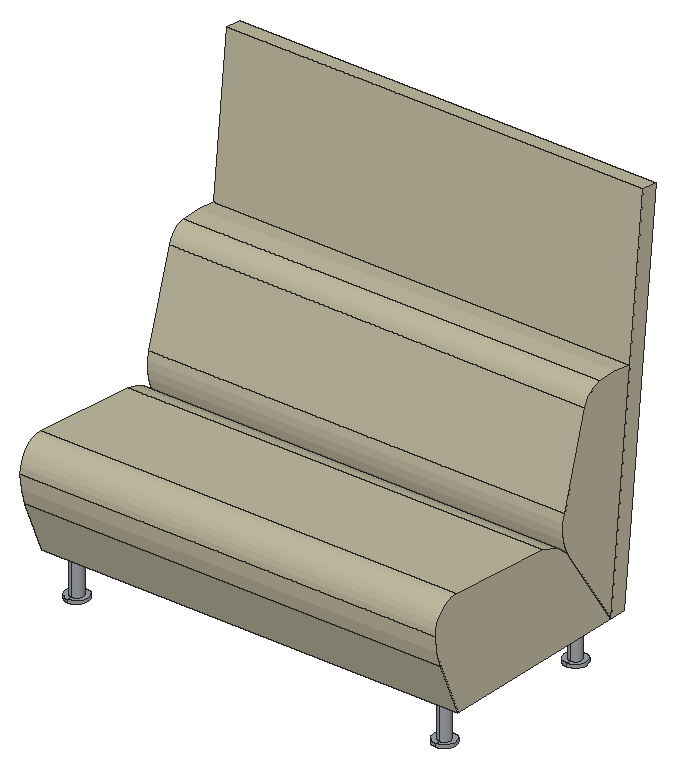
Revit family
Parameters
  URL = "http://www.martinbrattrud.com"
  SCS Certified Product = "Yes"
  Model = "La Moye 967-52"
  Manufacturer = "Martin Brattrud, Inc."
  Leg [instance] = none
  Keynote = "125000"
  Copyright = "© 2013 Martin Brattrud, Inc."
  Chair [instance] = none
  Back Cushion [instance] = none
  Authoring Version = "Revit Architecture 2010"
  Assembly Code = "E2020200"
Reference planes (in)
  plane 1 "Center Front/Back": y = 0
  plane 2: z = 0
  plane 3 "Center Left/Right": x = 0
  plane 4: x = -26
  plane 5: x = 26
Forms (in)
  Revolve 1, solid, material <- "Leg"
    sketch origin (23, -67.71472, 48) x (0, -1, 0) y (0, 0, -1)
      loop
        line (-77.96875, 48) -> (-77.96875, 43) -> (-77.22063, 43) -> (-77.22063, 47.625) -> (-76.59563, 47.625) -> (-76.59563, 48) -> (-77.96875, 48)
      axis (-77.96875, 43) -> (-77.96875, 48)
    angle from 0 to 360
  Extrusion 2, solid, material <- "Chair"
    sketch origin (0, 0, 0) x (0, 1, 0) y (0, 0, 1)
      loop
        line (-11.95264, 5) -> (11.99409, 5) -> (5.80176, 14.50338)
        arc (5.80176, 14.50338) -> (3.89817, 16.40481) -> (1.38763, 17.37245) r 6.5
        arc (1.38763, 17.37245) -> (-5.34941, 18.17324) -> (-12.12945, 18.41813) r 82.55346
        arc (-12.12945, 18.41813) -> (-14.44915, 17.42778) -> (-15.36191, 15.07646) r 3.25
        arc (-15.36191, 15.07646) -> (-15.15255, 13.17383) -> (-14.63767, 11.33026) r 11.77401
        spline (-14.63767, 11.33026) -> (-14.43698, 10.7933) -> (-14.23205, 10.25794) -> (-14.02289, 9.72422) -> (-13.80953, 9.19218) -> (-13.59197, 8.66184) -> (-13.37022, 8.13324) -> (-13.1443, 7.60641) -> (-12.91422, 7.08139) -> (-12.68, 6.5582) -> (-12.44166, 6.03689) -> (-12.1992, 5.51748) -> (-11.95264, 5)
    from -26 to 26
  Extrusion 3, solid, material <- "Chair"
    sketch origin (0, 0, 0) x (0, 1, 0) y (0, 0, 1)
      loop
        arc (14.9548, 32.19439) -> (12.62822, 32.51147) -> (10.28202, 32.41766) r 13.4034
        arc (10.28202, 32.41766) -> (8.8587, 31.7918) -> (8.0023, 30.49406) r 2.75
        line (8.0023, 30.49406) -> (4.79165, 19.99248)
        arc (4.79165, 19.99248) -> (4.58851, 17.39865) -> (5.50248, 14.9627) r 6
        line (5.50248, 14.9627) -> (11.99409, 5) -> (14.9548, 32.19439)
    from -26 to 26
  Extrusion 4, solid, material <- "Back Cushion"
    sketch origin (0, 0, 0) x (0, 1, 0) y (0, 0, 1)
      loop
        line (14.00591, 5) -> (18.99292, 50.80621) -> (17.00235, 51.00134) -> (11.99409, 5) -> (14.00591, 5)
    from -26 to 26
  Revolve 5, solid, material <- "Leg"
    sketch origin (23, 67.71472, 48) x (0, 1, 0) y (0, 0, 1)
      loop
        line (-77.96875, -48) -> (-76.59563, -48) -> (-76.59563, -47.625) -> (-77.22063, -47.625) -> (-77.22063, -43) -> (-77.96875, -43) -> (-77.96875, -48)
      axis (-77.96875, -43) -> (-77.96875, -48)
    angle from 0 to 360
  Revolve 6, solid, material <- "Leg"
    sketch origin (-23, -67.71472, 48) x (0, -1, 0) y (0, 0, 1)
      loop
        line (-77.96875, -48) -> (-76.59563, -48) -> (-76.59563, -47.625) -> (-77.22063, -47.625) -> (-77.22063, -43) -> (-77.96875, -43) -> (-77.96875, -48)
      axis (-77.96875, -43) -> (-77.96875, -48)
    angle from 0 to 360
  Revolve 7, solid, material <- "Leg"
    sketch origin (-23, 67.71472, 48) x (0, 1, 0) y (0, 0, -1)
      loop
        line (-77.96875, 48) -> (-77.96875, 43) -> (-77.22063, 43) -> (-77.22063, 47.625) -> (-76.59563, 47.625) -> (-76.59563, 48) -> (-77.96875, 48)
      axis (-77.96875, 43) -> (-77.96875, 48)
    angle from 0 to 360
